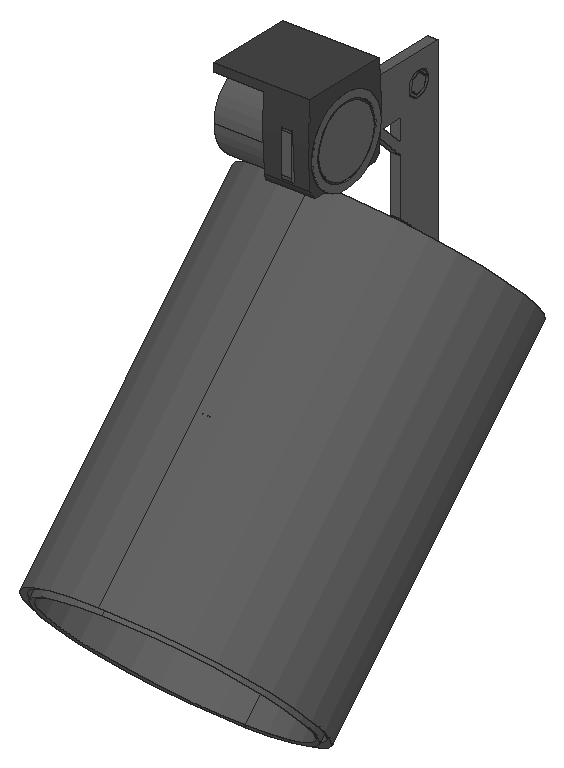
Revit family "track lifgt", category Lighting Fixtures, Revit 2019
Family settings
  Round Connector Dimension = Use Radius
  Part Type = Normal
  Work Plane-Based = No
  Always vertical = No
  Cut with Voids When Loaded = No
  Light Source = Yes
  Shared = No
  Room Calculation Point = No
Parameters (values of type "std")
  dY2D [instance] = 0 mm
  dX2D [instance] = 0 mm
  ang2D [instance] = 0.00°
  Wattage = 11.5 W
  W2D = 60 mm
  built-in parameter 1150110 = 1 (stored number, unit not read)
  Voltage = 230 V
  Total Power = 39.5 W
  built-in parameter 1114217 = 1 (stored number, unit not read)
  Tilt Angle = 60.00°
  built-in parameter 1150109 = 1 (stored number, unit not read)
  built-in parameter 1150134 = (empty or 0)
  built-in parameter 1150113 = 1 (stored number, unit not read)
  Real Power = 39.5 W
  Power Factor = 1
  Photometric Web File = "generic"
  Number of Poles = 1
  built-in parameter 1150142 = (empty or 0)
  Mounting Type = "Multi-directional"
  Manufacturer = ""
  built-in parameter 1150105 = 97.92 (stored number, unit not read)
  Lumens = 1230.5 lm
  Luminaire Type = "Pendant"
  built-in parameter 1150115 = 1 (stored number, unit not read)
  Load Classification = Lighting
  built-in parameter 1150137 = (empty or 0)
  built-in parameter 1150139 = (empty or 0)
  built-in parameter 1150112 = 1 (stored number, unit not read)
  built-in parameter 1150114 = 1 (stored number, unit not read)
  Lamp = "LED"
  L2D [instance] = 80 mm
  built-in parameter 1150132 = (empty or 0)
  built-in parameter 1150102 = (empty or 0)
  built-in parameter 1150107 = 3000 (stored number, unit not read)
  built-in parameter 1150138 = (empty or 0)
  built-in parameter 1150106 = 0.9792 (stored number, unit not read)
  IP Rating = "IP20"
  Emit from Circle Diameter = 609.6 mm
  Emit Shape Visible in Rendering = no
  Emergency = no
  built-in parameter 1150104 = 9.9406 (stored number, unit not read)
  Dimming Lamp Color Temperature Shift = <None>
  Description = ""
  Color Filter = 16777215
  built-in parameter 1114218 = 1 (stored number, unit not read)
  built-in parameter 1150133 = 10 (stored number, unit not read)
  Assembly Code = ""
  Application Environment = "Indoor"
  Application = "Lighting"
  Apparent Power = Real Power / Power Factor  # 39.5 VA
  Apparent Load = 39.5 VA
Reference planes
  plane 1 "Center (Front/Back)": y = 0
  plane 2 "XYPLANE": z = 0
  plane 3 "Center (Left/Right)": x = 0
  plane 4: x = 0
  plane 5: x = -46.75
  plane 6: x = 41.75
  plane 7: z = -2800
  plane 8: z = -1300
  plane 9: x = -41.75
  plane 10: x = 46.75
  plane 11: y = 30
  plane 12: y = -30
Dimensions and locks
  locked: plane 5 to plane 9 at 5
  locked: plane 6 to plane 10 at 5
  equal spacing: plane 11, plane 1 "Center (Front/Back)", plane 12
  "W2D": plane 11 to plane 12
  equal spacing: plane 9, plane 4, plane 6
  plane 9 to plane 6 = 83.5 mm
Nested families
  nested 1: "FL50" at (0, 17.624, 0), type "FL50"
    with wall light yes
  nested 2: "Family50" at (0, 30, 0), type "Family50"
Connectors
  electrical at (0, 0, 0), driven by "Voltage", driven by "Apparent Load"
    settings: index 1, voltage 230 V, apparent load 0 VA, apparent load phase1 39.5 VA, apparent load phase2 0 VA, apparent load phase3 0 VA, power factor 1, load classification "Other", number of poles 1, system type 31, power factor state 1, is connector primary yes, connector utility no, sub classification motor no, connector description ""
Definition of nested family "FL50"
  Parameters (values of type "FL50")
    wall light [instance] = yes
    input power = 39.5 W
    Luminous flux = 1950 lm
    Luminaire efficacy = 36 lm/W
    Input Voltage = 220 V
    Input Frequency = 50 Hz
    Color Temperature = 1108 K
    Bar Width = 84 mm
    Bar Length = 172 mm
    Bar Height = Bar Width / 2  # 42 mm
  Reference planes
    plane 1 "Center (Front/Back)": y = 0
    plane 2: z = 0
    plane 3 "Center (Left/Right)": x = 0
    plane 4: x = -42
    plane 5: x = 42
    plane 6: z = 42
    plane 7: z = -129.848
    plane 8: y = -179.765
  Forms (mm)
    Extrusion 1, solid, not visible
      sketch origin (0, -21.25, 0) x (0, 1, 0) y (0, 0, 1)
        loop
          line (-123.659, 0) -> (-142.594, 0)
          arc (-142.594, 0) -> (-143.081, -9) -> (-142.594, -18) r 83.277
          arc (-142.594, -18) -> (-142.008, -19.414) -> (-140.594, -20) r 2
          line (-140.594, -20) -> (-125.659, -20)
          arc (-125.659, -20) -> (-124.244, -19.414) -> (-123.659, -18) r 2
          arc (-123.659, -18) -> (-123.171, -9) -> (-123.659, 0) r 83.277
      from -10.6 to 10.595
    Extrusion 2, void, not visible
      sketch origin (0, 0, 0) x (0, 1, 0) y (0, 0, 1)
        loop
          arc (-144.909, -18) -> (-144.426, -9.898) -> (-144.734, -1.788) r 83.277
          line (-144.734, -1.788) -> (-164.019, -1.788)
          arc (-164.019, -1.788) -> (-164.327, -9.898) -> (-163.844, -18) r 83.277
          arc (-163.844, -18) -> (-163.258, -19.414) -> (-161.844, -20) r 2
          line (-161.844, -20) -> (-146.909, -20)
          arc (-146.909, -20) -> (-145.494, -19.414) -> (-144.909, -18) r 2
      from -10.6 to 0.612
    Extrusion 3, void, not visible
      sketch origin (0, 148.732, 0) x (1, 0, 0) y (0, 0, 1)
        loop
          arc (5.4, -6.018) -> (4.693, -6.311) -> (4.4, -7.018) r 1
          line (4.4, -7.018) -> (4.4, -17)
          arc (4.4, -17) -> (4.693, -17.707) -> (5.4, -18) r 1
          line (5.4, -18) -> (6.249, -18)
          arc (6.249, -18) -> (6.957, -17.707) -> (7.249, -17) r 1
          line (7.249, -17) -> (7.249, -7.018)
          arc (7.249, -7.018) -> (6.957, -6.311) -> (6.249, -6.018) r 1
          line (6.249, -6.018) -> (5.4, -6.018)
      from 155.957 to 177.382
    Extrusion 4, solid
      sketch origin (0, -21.25, 0) x (0, 1, 0) y (0, 0, 1)
        loop
          arc (-5.841, 0) -> (-6.329, -9) -> (-5.841, -18) r 83.277
          arc (-5.841, -18) -> (-5.256, -19.414) -> (-3.841, -20) r 2
          line (-3.841, -20) -> (11.094, -20)
          arc (11.094, -20) -> (12.508, -19.414) -> (13.094, -18) r 2
          arc (13.094, -18) -> (13.581, -9) -> (13.094, 0) r 83.277
          line (13.094, 0) -> (-5.841, 0)
      from -10.6 to 10.595
    Extrusion 5, void
      sketch origin (0, 0, 0) x (0, 1, 0) y (0, 0, 1)
        loop
          arc (-27.091, -18) -> (-26.506, -19.414) -> (-25.091, -20) r 2
          line (-25.091, -20) -> (-10.156, -20)
          arc (-10.156, -20) -> (-8.742, -19.414) -> (-8.156, -18) r 2
          arc (-8.156, -18) -> (-7.673, -9.898) -> (-7.981, -1.788) r 83.277
          line (-7.981, -1.788) -> (-27.266, -1.788)
          arc (-27.266, -1.788) -> (-27.574, -9.898) -> (-27.091, -18) r 83.277
      from -10.6 to 0.612
    Extrusion 6, void
      sketch origin (0, 148.732, 0) x (1, 0, 0) y (0, 0, 1)
        loop
          arc (5.4, -6.018) -> (4.693, -6.311) -> (4.4, -7.018) r 1
          line (4.4, -7.018) -> (4.4, -17)
          arc (4.4, -17) -> (4.693, -17.707) -> (5.4, -18) r 1
          line (5.4, -18) -> (6.249, -18)
          arc (6.249, -18) -> (6.957, -17.707) -> (7.249, -17) r 1
          line (7.249, -17) -> (7.249, -7.018)
          arc (7.249, -7.018) -> (6.957, -6.311) -> (6.249, -6.018) r 1
          line (6.249, -6.018) -> (5.4, -6.018)
      from 155.957 to 177.382
  Cuts and joins
    Extrusion 5 cuts Extrusion 4
  Dimensions and locks
    "Bar Width": plane 5 to plane 4
    aligned and locked: level to plane 2
  Automatic sketch dimensions
    Extrusion 1 sketch curve to Extrusion 1 sketch curve = 63.854 mm  (x2)
    Extrusion 1 sketch curve to Extrusion 1 sketch curve = 2 mm  (x4)
    Extrusion 1 sketch curve to Extrusion 1 sketch curve = 14.935 mm
    Extrusion 2 sketch curve to Extrusion 2 sketch curve = 63.679 mm  (x2)
    Extrusion 2 sketch curve to Extrusion 2 sketch curve = 2.175 mm  (x2)
    Extrusion 2 sketch curve to Extrusion 2 sketch curve = 14.935 mm
    Extrusion 2 sketch curve to Extrusion 2 sketch curve = 16.212 mm
    Extrusion 3 sketch curve to Extrusion 3 sketch curve = 1 mm  (x3)
    Extrusion 3 sketch curve to Extrusion 3 sketch curve = 0.849 mm  (x2)
    Extrusion 1 sketch curve to Extrusion 1 sketch curve = 9 mm
    Extrusion 2 sketch curve to Extrusion 2 sketch curve = 2 mm  (x2)
    Extrusion 3 sketch curve to Extrusion 3 sketch curve = 9.982 mm
    Extrusion 4 sketch curve to Extrusion 4 sketch curve = 63.854 mm  (x2)
    Extrusion 4 sketch curve to Extrusion 4 sketch curve = 2 mm  (x4)
    Extrusion 4 sketch curve to Extrusion 4 sketch curve = 14.935 mm
    Extrusion 5 sketch curve to Extrusion 5 sketch curve = 63.679 mm  (x2)
    Extrusion 5 sketch curve to Extrusion 5 sketch curve = 2.175 mm  (x2)
    Extrusion 5 sketch curve to Extrusion 5 sketch curve = 14.935 mm
    Extrusion 5 sketch curve to Extrusion 5 sketch curve = 16.212 mm
    Extrusion 6 sketch curve to Extrusion 6 sketch curve = 1 mm  (x3)
    Extrusion 6 sketch curve to Extrusion 6 sketch curve = 0.849 mm  (x2)
    Extrusion 4 sketch curve to Extrusion 4 sketch curve = 9 mm
    Extrusion 5 sketch curve to Extrusion 5 sketch curve = 2 mm  (x2)
    Extrusion 6 sketch curve to Extrusion 6 sketch curve = 9.982 mm
  Nested families
    nested 1: "Family1" at (0, -85.093, 0), type "Family1", not visible
      with wall light yes
    nested 2: "Family1" at (0, -86.907, 0), type "Family1"
      with wall light yes
  Connectors
    electrical at (0, 0, 0)
      settings: index 1, voltage 230 V, apparent load 0 VA, apparent load phase1 0 VA, apparent load phase2 0 VA, apparent load phase3 0 VA, power factor 1, load classification none, number of poles 1, system type 30, power factor state 1, is connector primary yes, connector utility no, sub classification motor no, connector description ""
  Definition of nested family "Family1"
    Parameters (values of type "Family1")
      wall light [instance] = yes
      Material COB = none
      Length = 107 mm
      Height = 194 mm
    Reference planes
      plane 1 "Center (Front/Back)": y = 0
      plane 2: z = 0
      plane 3 "Center (Left/Right)": x = 0
      plane 4: z = -157.313
      plane 5: z = 36.687
      plane 6: through (4267.2, -124.255, -82.347) normal (0, 0.7071, 0.7071)
      plane 7: through (4267.2, 15.752, -93.661) normal (0, 0.7071, -0.7071)
      plane 8: through (4267.2, -59.909, -18) normal (0, 0.7071, -0.7071)
      plane 9: through (4267.2, -123.548, -81.64) normal (0, 0.7071, 0.7071)
      plane 10: through (4267.2, 16.459, -92.954) normal (0, 0.7071, -0.7071)
      plane 11: through (4267.2, -59.201, -17.293) normal (0, 0.7071, -0.7071)
    Forms (mm)
      Revolve 1, solid
        sketch origin (0, -276.997, -787.201) x (0, 0.707107, 0.707107) y (0, -0.707107, 0.707107)
          loop
            arc (652.411, 397.69) -> (637.341, 396.857) -> (622.437, 394.468) r 145.665
            line (622.437, 394.468) -> (622.437, 311.787)
            arc (622.437, 311.787) -> (622.978, 311.989) -> (623.519, 312.188) r 83.6
            line (623.519, 312.188) -> (623.519, 349.241)
            arc (623.519, 349.241) -> (623.767, 349.838) -> (624.364, 350.085) r 0.845
            line (624.364, 350.085) -> (652.411, 350.085) -> (652.411, 397.69)
          axis (652.411, 397.69) -> (652.411, 311.787)
        angle from 0 to 360
      Extrusion 2, solid
        sketch origin (0, 0, 0) x (0, 1, 0) y (0, 0, 1)
          loop
            line (-79.325, -6.75) -> (-99.325, -6.75) -> (-99.325, -47.24)
            arc (-99.325, -47.24) -> (-94.417, -42.323) -> (-89.333, -37.59) r 189.479
            line (-89.333, -37.59) -> (-89.333, -25.195) -> (-81.728, -17.59) -> (-60.194, -17.59)
            arc (-60.194, -17.59) -> (-59.487, -17.298) -> (-59.194, -16.59) r 1
            line (-59.194, -16.59) -> (-59.194, -7.708)
            arc (-59.194, -7.708) -> (-59.475, -7.031) -> (-60.153, -6.75) r 0.958
            line (-60.153, -6.75) -> (-79.325, -6.75)
          loop
            line (-84.333, -17.59) -> (-89.333, -17.59) -> (-89.333, -22.59) -> (-84.333, -17.59)
          loop
            circle (-94.14, -13.062) r 2.802
          loop
            circle (-94.14, -13.062) r 2.5
          loop
            line (-93.741, -15.326) -> (-91.98, -13.848) -> (-92.379, -11.584) -> (-94.54, -10.798) -> (-96.301, -12.275) -> (-95.902, -14.54) -> (-93.741, -15.326)
          loop
            line (-93.806, -14.958) -> (-92.331, -13.72) -> (-92.665, -11.824) -> (-94.475, -11.166) -> (-95.95, -12.403) -> (-95.615, -14.3) -> (-93.806, -14.958)
        from 4.795 to 6.996
      Extrusion 3, solid
        sketch origin (0, 0, 0) x (0, 1, 0) y (0, 0, 1)
          loop
            circle (-69.439, -12.206) r 9.5
          loop
            circle (-69.439, -12.206) r 7.999
          loop
            circle (-69.439, -12.206) r 7.49
        from -10.6 to 10.855
      Revolve 4, solid
        sketch origin (0, -290.236, -773.289) x (0, 0.707107, 0.707107) y (0, -0.707107, 0.707107)
          loop
            arc (651.865, 329.711) -> (638.172, 328.5) -> (624.894, 324.941) r 79.283
            line (624.894, 324.941) -> (624.894, 319.92)
            arc (624.894, 319.92) -> (638.221, 323.069) -> (651.865, 324.224) r 92.861
            line (651.865, 324.224) -> (651.865, 329.711)
          axis (651.865, 319.92) -> (651.865, 329.711)
        angle from 0 to 360
      Revolve 5, solid
        sketch origin (0, -286.768, -776.852) x (0, 0.707107, 0.707107) y (0, -0.707107, 0.707107)
          loop
            arc (624.025, 296.862) -> (624.42, 296.992) -> (624.816, 297.12) r 92.861
            line (624.816, 297.12) -> (624.816, 335.37)
            arc (624.816, 335.37) -> (624.419, 335.028) -> (624.025, 334.683) r 79.283
            line (624.025, 334.683) -> (624.025, 296.862)
          axis (651.923, 296.862) -> (651.923, 335.37)
        angle from 0 to 360
    Lines and regions (mm)
      reference lines
        curve 1: line (0, -58.494, -18) -> (0, 39.501, -115.995)
        curve 2: line (0, -58.494, -18) -> (0, 39.793, -116.288)
    Dimensions and locks
      "Height": plane 4 to plane 5
      "Length": plane 7 to plane 8
      Revolve 1 sketch curve to Revolve 1 sketch curve = 29.974 mm
      aligned and locked: level to plane 2
    Automatic sketch dimensions
      curve 2 to level = 18 mm
      plane 1 "Center (Front/Back)" to curve 2 = 58.494 mm
      curve 1 to plane 1 "Center (Front/Back)" = 39.501 mm
      curve 1 to curve 2 = 0.293 mm
      curve 1 to plane 4 = 41.317 mm
      curve 2 to curve 1 = 0.293 mm
      plane 8 to Revolve 1 sketch curve = 0 mm
      plane 9 to Revolve 1 sketch curve = 15.026 mm
      plane 9 to Revolve 1 sketch curve = 16.108 mm
      Revolve 1 sketch curve to Revolve 1 sketch curve = 0.845 mm
      plane 9 to Revolve 1 sketch curve = 44.616 mm
      Revolve 1 sketch curve to Revolve 1 sketch curve = 28.047 mm
      Revolve 1 sketch curve to Revolve 1 sketch curve = 0.884 mm
      plane 8 to Revolve 1 sketch curve = 40.317 mm
      Revolve 1 sketch curve to plane 7 = 28.785 mm
      Revolve 1 sketch curve to Revolve 1 sketch curve = 0.401 mm
      Revolve 1 sketch curve to Revolve 1 sketch curve = 18.428 mm
      Revolve 1 sketch curve to plane 8 = 4.065 mm
      Revolve 1 sketch curve to plane 7 = 13.465 mm
      Extrusion 2 sketch curve to Extrusion 2 sketch curve = 0 mm  (x3)
      Extrusion 2 sketch curve to level = 47.24 mm
      plane 1 "Center (Front/Back)" to Extrusion 2 sketch curve = 99.325 mm
      Extrusion 2 sketch curve to level = 12.275 mm
      Extrusion 2 sketch curve to Extrusion 2 sketch curve = 3.024 mm
      Extrusion 2 sketch curve to level = 12.403 mm
      Extrusion 2 sketch curve to Extrusion 2 sketch curve = 0.351 mm  (x2)
      Extrusion 2 sketch curve to level = 14.54 mm
      Extrusion 2 sketch curve to Extrusion 2 sketch curve = 0.048 mm
      Extrusion 2 sketch curve to level = 14.3 mm
      Extrusion 2 sketch curve to Extrusion 2 sketch curve = 0.286 mm  (x2)
      Extrusion 2 sketch curve to level = 10.798 mm
      Extrusion 2 sketch curve to Extrusion 2 sketch curve = 1.41 mm
      Extrusion 2 sketch curve to level = 11.166 mm
      Extrusion 2 sketch curve to Extrusion 2 sketch curve = 0.065 mm  (x2)
      Extrusion 2 sketch curve to Extrusion 2 sketch curve = 0.334 mm  (x2)
      Extrusion 2 sketch curve to level = 14.958 mm
      Extrusion 2 sketch curve to level = 15.326 mm
      Extrusion 2 sketch curve to level = 11.824 mm
      Extrusion 2 sketch curve to Extrusion 2 sketch curve = 1.809 mm
      Extrusion 2 sketch curve to level = 11.584 mm
      Extrusion 2 sketch curve to level = 13.72 mm
      Extrusion 2 sketch curve to Extrusion 2 sketch curve = 1.475 mm
      Extrusion 2 sketch curve to level = 13.848 mm
      Extrusion 2 sketch curve to Extrusion 2 sketch curve = 4.409 mm
      Extrusion 2 sketch curve to level = 25.195 mm
      Extrusion 2 sketch curve to Extrusion 2 sketch curve = 5 mm
      Extrusion 2 sketch curve to level = 17.59 mm
      Extrusion 2 sketch curve to Extrusion 2 sketch curve = 2.604 mm  (x2)
      Extrusion 2 sketch curve to Extrusion 2 sketch curve = 2.404 mm
      Extrusion 2 sketch curve to Extrusion 2 sketch curve = 21.534 mm
      Extrusion 2 sketch curve to Extrusion 2 sketch curve = 0.042 mm
      Extrusion 2 sketch curve to Extrusion 2 sketch curve = 1 mm
      Extrusion 2 sketch curve to plane 1 "Center (Front/Back)" = 37.206 mm
      plane 4 to Extrusion 2 sketch curve = 21.311 mm
      Extrusion 2 sketch curve to Extrusion 2 sketch curve = 3.742 mm
      Extrusion 2 sketch curve to Extrusion 2 sketch curve = 1.896 mm
      Extrusion 2 sketch curve to level = 7.708 mm
      Extrusion 3 sketch curve to Extrusion 3 sketch curve = 0 mm  (x6)
      Extrusion 3 sketch curve to level = 12.206 mm
      plane 1 "Center (Front/Back)" to Extrusion 3 sketch curve = 69.439 mm
      plane 9 to Revolve 4 sketch curve = 17.958 mm
      Revolve 4 sketch curve to Revolve 4 sketch curve = 26.971 mm
      plane 7 to Revolve 4 sketch curve = 13.776 mm
      plane 9 to Revolve 4 sketch curve = 45.042 mm
      Revolve 4 sketch curve to Revolve 4 sketch curve = 0.876 mm
      Revolve 4 sketch curve to Revolve 4 sketch curve = 19.06 mm
      plane 8 to Revolve 4 sketch curve = 51.284 mm
      Revolve 4 sketch curve to Revolve 4 sketch curve = 5.022 mm
      Revolve 4 sketch curve to Revolve 4 sketch curve = 0 mm
      Revolve 4 sketch curve to Revolve 4 sketch curve = 4.759 mm
      Revolve 4 sketch curve to Revolve 4 sketch curve = 4.754 mm
      plane 9 to Revolve 5 sketch curve = 17.022 mm
      Revolve 5 sketch curve to Revolve 5 sketch curve = 0.791 mm
      plane 9 to Revolve 5 sketch curve = 46.195 mm
      Revolve 5 sketch curve to plane 7 = 6.008 mm
      Revolve 5 sketch curve to Revolve 5 sketch curve = 51.608 mm
      plane 7 to Revolve 5 sketch curve = 60.474 mm
      Revolve 5 sketch curve to plane 7 = 27.686 mm
      Revolve 5 sketch curve to Revolve 5 sketch curve = 37.563 mm
      Revolve 5 sketch curve to Revolve 5 sketch curve = 27.107 mm
      Revolve 5 sketch curve to plane 7 = 11.876 mm
      Revolve 5 sketch curve to Revolve 5 sketch curve = 0.5 mm
      radius of Extrusion 2 sketch curve = 2.802 mm
      radius of Extrusion 2 sketch curve = 2.5 mm
      radius of Extrusion 3 sketch curve = 9.5 mm
      radius of Extrusion 3 sketch curve = 7.999 mm
      radius of Extrusion 3 sketch curve = 7.49 mm
Definition of nested family "Family50"
  Reference planes
    plane 1 "Center (Front/Back)": y = 0
    plane 2: z = 0
    plane 3 "Center (Left/Right)": x = 0
  Lines and regions (mm)
    detail lines, in view "Ref. Level"
      curve 1: line (-17.15, -12.385, 0) -> (17.15, -12.385, 0)
      curve 2: line (-17.15, 0, 0) -> (-17.15, -12.385, 0)
      curve 3: line (17.15, 0, 0) -> (-17.15, 0, 0)
      curve 4: line (17.15, -12.385, 0) -> (17.15, 0, 0)
      curve 5: line (-4.72, -12.569, 0) -> (5.08, -12.569, 0)
      curve 6: line (-4.72, -34.975, 0) -> (-4.72, -12.569, 0)
      curve 7: line (5.08, -12.569, 0) -> (5.08, -34.975, 0)
      curve 8: line (-21.36, -34.975, 0) -> (21.36, -34.975, 0)
      curve 9: line (29.22, -108.475, 0) -> (29.22, -42.835, 0)
      curve 10: line (-29.22, -108.475, 0) -> (-29.22, -42.835, 0)
      curve 11: line (5.08, -34.975, 0) -> (-4.72, -34.975, 0)
      curve 12: spline (29.22, -108.475, 0) -> (28.224, -113.548, 0) -> (25.305, -118.275, 0) -> (20.661, -122.335, 0) -> (14.61, -125.45, 0) -> (7.563, -127.408, 0) -> (0, -128.075, 0) -> (-7.563, -127.408, 0) -> (-14.61, -125.45, 0) -> (-20.661, -122.335, 0) -> (-25.305, -118.275, 0) -> (-28.224, -113.548, 0) -> (-29.22, -108.475, 0) -> (-28.224, -103.403, 0) -> (-25.305, -98.675, 0) -> (-20.661, -94.616, 0) -> (-14.61, -91.501, 0) -> (-7.563, -89.543, 0) -> (0, -88.875, 0) -> (7.563, -89.543, 0) -> (14.61, -91.501, 0) -> (20.661, -94.616, 0) -> (25.305, -98.675, 0) -> (28.224, -103.403, 0) -> (29.22, -108.475, 0)
      curve 13: arc (-29.22, -42.835, 0) -> (-26.917, -37.277, 0) -> (-21.36, -34.975, 0) r 7.86
      curve 14: arc (29.22, -42.835, 0) -> (26.917, -37.277, 0) -> (21.36, -34.975, 0) r 7.86
